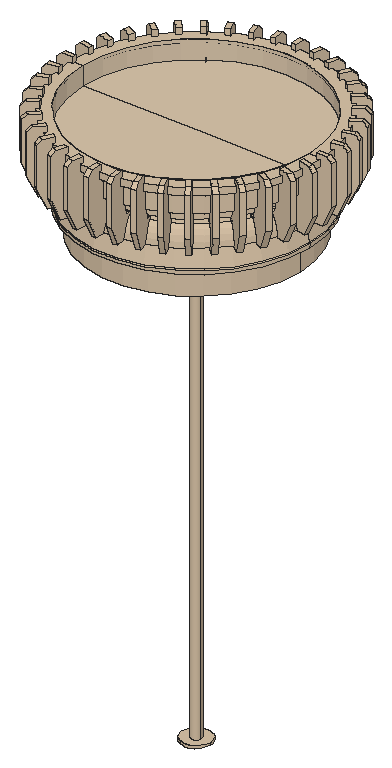
Revit family "KHL_Kemlux-Pendant", category Lighting Fixtures, host Face, Revit 2013
Parameters (values of type "KHL-18L-X-5K-5M")
  Wattage Comments = "43 Watts, 18 LEDs"
  Wattage = 43 W
  Watt = 43 W
  built-in parameter 1150110 = 1 (stored number, unit not read)
  Voltage = 277 V
  URL = "http://www.hubbellindustrial.com/"
  built-in parameter 1114217 = 1 (stored number, unit not read)
  Tilt Angle = -90.00°
  built-in parameter 1150109 = 1 (stored number, unit not read)
  built-in parameter 1150134 = 2
  built-in parameter 1150113 = 1 (stored number, unit not read)
  Product Page URL = "http://www.hubbellindustrial.com/products/kh_iii_led"
  Product Documentation Link = "http://cdn.hubbellindustrial.com/content/products/specs/specs_files/hil_khl_specsht.pdf"
  Power Factor = 1
  Photometric Web Link = "http://www.hubbellindustrial.com/products/khl_flood"
  Photometric Web File = "KXL-18L-X-5K-5M.ies"
  Pendent Height [instance] = 2' - 0"
  Optics = "Type V Square"
  Model = "KHL - Kemlux III LED"  # constant formula
  Material Finish = Hubbell - Tan
  Manufacturer = "Hubbell Industrial Lighting"  # constant formula
  built-in parameter 1150105 = 345.6 (stored number, unit not read)
  Lumens = 4343 lm
  built-in parameter 1150115 = 1 (stored number, unit not read)
  Load Classification = Lighting
  built-in parameter 1150137 = (empty or 0)
  built-in parameter 1150139 = (empty or 0)
  built-in parameter 1150112 = 1 (stored number, unit not read)
  built-in parameter 1150114 = 1 (stored number, unit not read)
  Lamp = "18 High Performanc LEDs"
  built-in parameter 1150132 = (empty or 0)
  built-in parameter 1150102 = (empty or 0)
  built-in parameter 1150107 = 5000 (stored number, unit not read)
  built-in parameter 1150138 = (empty or 0)
  built-in parameter 1150106 = 3.456 (stored number, unit not read)
  Glass = Hubbell - White Glass
  Emit from Circle Diameter = 0' - 11"
  Emit Shape Visible in Rendering = no
  built-in parameter 1150104 = 9.3832 (stored number, unit not read)
  Dimming Lamp Color Temperature Shift = <None>
  Description = "Class I, Division 2 LED Fixture Series"  # constant formula
  Default Elevation = 4' - 0"
  Color Filter = 16777215
  built-in parameter 1114218 = 1 (stored number, unit not read)
  built-in parameter 1150133 = 10 (stored number, unit not read)
  Apparent Load = Watt / Power Factor  # 43 VA
Reference planes (in)
  plane 1 "Center (Front/Back)": y = 0
  plane 2: z = 0
  plane 3 "Center (Left/Right)": x = 0
  plane 4: z = 24
  plane 5: x = -7
  plane 6: x = 7
  plane 7: z = 0.125
  plane 8: z = 29
Forms (in)
  Extrusion 1, solid, material "Hubbell - Tan" <- "Material Finish"
    sketch origin (0, 0, 0) x (1, 0, 0) y (0, 1, 0)
      loop
        circle (0, 0) r 0.75
    from 0 to 0.125
  Extrusion 2, solid, material "Hubbell - Tan" <- "Material Finish"
    sketch origin (0, 0, 0) x (1, 0, 0) y (0, 1, 0)
      loop
        circle (0, 0) r 0.25
    from 0.125 to 24
Dimensions and locks (in)
  "Pendent Height": plane 4 to plane 2
  equal spacing: plane 6, plane 3 "Center (Left/Right)", plane 5, locked at 7 each
  plane 7 to plane 2 = 0' - 0 1/8"
  locked: plane 8 to plane 4 at 5
  aligned and locked: plane 2 to host face
  aligned and locked: level to host face
  aligned and locked: nested 1 to plane 3 "Center (Left/Right)"
  aligned and locked: nested 1 to plane 1 "Center (Front/Back)"
  aligned and locked: plane 3 "Center (Left/Right)" to imposter light
  aligned and locked: imposter light to plane 1 "Center (Front/Back)"
  aligned and locked: plane 7 to Extrusion 1
  aligned and locked: Extrusion 1 to plane 2
  aligned and locked: Extrusion 2 to plane 7
  aligned and locked: plane 4 to Extrusion 2
  aligned and locked: plane 8 to imposter light
Automatic sketch dimensions
  host sketch curve to host sketch curve = 8' - 0"  (x2)
  plane 1 "Center (Front/Back)" to Extrusion 1 sketch curve = 0' - 0"
  Extrusion 1 sketch curve to plane 3 "Center (Left/Right)" = 0' - 0"
  plane 1 "Center (Front/Back)" to Extrusion 2 sketch curve = 0' - 0"
  Extrusion 2 sketch curve to plane 3 "Center (Left/Right)" = 0' - 0"
  radius of Extrusion 1 sketch curve = 0' - 0 3/4"
  radius of Extrusion 2 sketch curve = 0' - 0 1/4"
Nested families (in)
  nested 1: "KHL" at (0, 0, 24) x (-1, 0, 0) z (0, 0, 1), type "KHL"
Connectors (in)
  electrical at (0, 0, 0), driven by "Load Classification", driven by "Voltage", driven by "Apparent Load", driven by "Power Factor"
    settings: on Extrusion 1, index 1, voltage 277 V, apparent load 43 VA, apparent load phase1 0 VA, apparent load phase2 0 VA, apparent load phase3 0 VA, power factor 1, load classification "Lighting", number of poles 1, system type 30, power factor state 1, is connector primary yes, connector utility no, sub classification motor no, connector description "Lighting Connector"
Definition of nested family "KHL"
  Parameters (values of type "KHL")
    Wattage Comments = ""
    URL = ""
    Model = ""
    Material Finish = Hubbell - Tan
    Manufacturer = ""
    Lamp = ""
    IES FILE LINK = ""
    Glass = none
    Description = ""
    Default Elevation = 4' - 0"
    Apparent Load = 0 VA
  Reference planes (in)
    plane 1 "Center (Front/Back)": y = 0
    plane 2: z = 0
    plane 3 "Center (Left/Right)": x = 0
    plane 4: z = 6
    plane 5: x = -7.25
    plane 6: x = 7.25
    plane 7: x = -5.5
    plane 8: x = 5.5
  Forms (in)
    Extrusion 1, solid
      sketch origin (0, 0, 0) x (1, 0, 0) y (0, 1, 0)
        loop
          line (-48, 48) -> (-48, -48) -> (48, -48) -> (48, 48) -> (-48, 48)
      from 0 to -12
    Revolve 2, solid, material "Hubbell - Tan" <- "Material Finish"
      sketch origin (0, 0, 0) x (1, 0, 0) y (0, 0, 1)
        loop
          line (5.5, 0) -> (5.5, 1.3125) -> (6, 1.3125) -> (6, 1.47979) -> (5.5, 1.47979) -> (5.5, 1.5625) -> (5.99031, 1.5625) -> (5.73742, 2.6875) -> (6.24933, 2.6875)
          arc (6.24933, 2.6875) -> (6.15662, 3.19814) -> (5.89032, 3.6436) r 1.45262
          line (5.89032, 3.6436) -> (5.5, 3.6436) -> (5.5, 4.37254) -> (6.34375, 4.37254) -> (6.34375, 5.37007) -> (6.59375, 5.37007) -> (6.59375, 5.71977) -> (5.95302, 5.71977) -> (5.95302, 4.75) -> (0, 4.75) -> (0, 0) -> (5.5, 0)
        axis (0, 5.71977) -> (0, 0)
      angle from 0 to 360
    Extrusion 3, solid, material <- "Glass"
      sketch origin (0, 0, 0) x (1, 0, 0) y (0, 1, 0)
        loop
          circle (0, 0) r 5.95302
      from 5.71977 to 5.56262
    Extrusion 4, solid, material "Hubbell - Tan" <- "Material Finish"
      sketch origin (0, 0, 0) x (1, 0, 0) y (0, 0, 1)
        loop
          line (6.42821, 6) -> (6.42821, 5.66655) -> (6.045, 3.7335) -> (5.75, 3.7335) -> (5.75, 3.06247) -> (6.1875, 3.06247) -> (6.31956, 2.66852) -> (6.75, 2.66852) -> (7.25, 3.69367) -> (7.25, 5.75) -> (7, 6) -> (6.42821, 6)
      from 0.125 to -0.125
    Extrusion 5, solid, material "Hubbell - Tan" <- "Material Finish"
      sketch origin (0, 0, 0) x (0.987688, -0.156434, 0) y (0, 0, 1)
        loop
          line (6.42821, 6) -> (6.42821, 5.66655) -> (6.045, 3.7335) -> (5.75, 3.7335) -> (5.75, 3.06247) -> (6.1875, 3.06247) -> (6.31956, 2.66852) -> (6.75, 2.66852) -> (7.25, 3.69367) -> (7.25, 5.75) -> (7, 6) -> (6.42821, 6)
      from 0.125 to -0.125
    Extrusion 6, solid, material "Hubbell - Tan" <- "Material Finish"
      sketch origin (0, 0, 0) x (0.951057, -0.309017, 0) y (0, 0, 1)
        loop
          line (6.42821, 6) -> (6.42821, 5.66655) -> (6.045, 3.7335) -> (5.75, 3.7335) -> (5.75, 3.06247) -> (6.1875, 3.06247) -> (6.31956, 2.66852) -> (6.75, 2.66852) -> (7.25, 3.69367) -> (7.25, 5.75) -> (7, 6) -> (6.42821, 6)
      from 0.125 to -0.125
    Extrusion 7, solid, material "Hubbell - Tan" <- "Material Finish"
      sketch origin (0, 0, 0) x (0.891007, -0.45399, 0) y (0, 0, 1)
        loop
          line (6.42821, 6) -> (6.42821, 5.66655) -> (6.045, 3.7335) -> (5.75, 3.7335) -> (5.75, 3.06247) -> (6.1875, 3.06247) -> (6.31956, 2.66852) -> (6.75, 2.66852) -> (7.25, 3.69367) -> (7.25, 5.75) -> (7, 6) -> (6.42821, 6)
      from 0.125 to -0.125
    Extrusion 8, solid, material "Hubbell - Tan" <- "Material Finish"
      sketch origin (0, 0, 0) x (0.809017, -0.587785, 0) y (0, 0, 1)
        loop
          line (6.42821, 6) -> (6.42821, 5.66655) -> (6.045, 3.7335) -> (5.75, 3.7335) -> (5.75, 3.06247) -> (6.1875, 3.06247) -> (6.31956, 2.66852) -> (6.75, 2.66852) -> (7.25, 3.69367) -> (7.25, 5.75) -> (7, 6) -> (6.42821, 6)
      from 0.125 to -0.125
    Extrusion 9, solid, material "Hubbell - Tan" <- "Material Finish"
      sketch origin (0, 0, 0) x (0.707107, -0.707107, 0) y (0, 0, 1)
        loop
          line (6.42821, 6) -> (6.42821, 5.66655) -> (6.045, 3.7335) -> (5.75, 3.7335) -> (5.75, 3.06247) -> (6.1875, 3.06247) -> (6.31956, 2.66852) -> (6.75, 2.66852) -> (7.25, 3.69367) -> (7.25, 5.75) -> (7, 6) -> (6.42821, 6)
      from 0.125 to -0.125
    Extrusion 10, solid, material "Hubbell - Tan" <- "Material Finish"
      sketch origin (0, 0, 0) x (0.587785, -0.809017, 0) y (0, 0, 1)
        loop
          line (6.42821, 6) -> (6.42821, 5.66655) -> (6.045, 3.7335) -> (5.75, 3.7335) -> (5.75, 3.06247) -> (6.1875, 3.06247) -> (6.31956, 2.66852) -> (6.75, 2.66852) -> (7.25, 3.69367) -> (7.25, 5.75) -> (7, 6) -> (6.42821, 6)
      from 0.125 to -0.125
    Extrusion 11, solid, material "Hubbell - Tan" <- "Material Finish"
      sketch origin (0, 0, 0) x (0.45399, -0.891007, 0) y (0, 0, 1)
        loop
          line (6.42821, 6) -> (6.42821, 5.66655) -> (6.045, 3.7335) -> (5.75, 3.7335) -> (5.75, 3.06247) -> (6.1875, 3.06247) -> (6.31956, 2.66852) -> (6.75, 2.66852) -> (7.25, 3.69367) -> (7.25, 5.75) -> (7, 6) -> (6.42821, 6)
      from 0.125 to -0.125
    Extrusion 12, solid, material "Hubbell - Tan" <- "Material Finish"
      sketch origin (0, 0, 0) x (0.309017, -0.951057, 0) y (0, 0, 1)
        loop
          line (6.42821, 6) -> (6.42821, 5.66655) -> (6.045, 3.7335) -> (5.75, 3.7335) -> (5.75, 3.06247) -> (6.1875, 3.06247) -> (6.31956, 2.66852) -> (6.75, 2.66852) -> (7.25, 3.69367) -> (7.25, 5.75) -> (7, 6) -> (6.42821, 6)
      from 0.125 to -0.125
    Extrusion 13, solid, material "Hubbell - Tan" <- "Material Finish"
      sketch origin (0, 0, 0) x (0.156434, -0.987688, 0) y (0, 0, 1)
        loop
          line (6.42821, 6) -> (6.42821, 5.66655) -> (6.045, 3.7335) -> (5.75, 3.7335) -> (5.75, 3.06247) -> (6.1875, 3.06247) -> (6.31956, 2.66852) -> (6.75, 2.66852) -> (7.25, 3.69367) -> (7.25, 5.75) -> (7, 6) -> (6.42821, 6)
      from 0.125 to -0.125
    Extrusion 14, solid, material "Hubbell - Tan" <- "Material Finish"
      sketch origin (0, 0, 0) x (0, -1, 0) y (0, 0, 1)
        loop
          line (6.42821, 6) -> (6.42821, 5.66655) -> (6.045, 3.7335) -> (5.75, 3.7335) -> (5.75, 3.06247) -> (6.1875, 3.06247) -> (6.31956, 2.66852) -> (6.75, 2.66852) -> (7.25, 3.69367) -> (7.25, 5.75) -> (7, 6) -> (6.42821, 6)
      from 0.125 to -0.125
    Extrusion 15, solid, material "Hubbell - Tan" <- "Material Finish"
      sketch origin (0, 0, 0) x (-0.156434, -0.987688, 0) y (0, 0, 1)
        loop
          line (6.42821, 6) -> (6.42821, 5.66655) -> (6.045, 3.7335) -> (5.75, 3.7335) -> (5.75, 3.06247) -> (6.1875, 3.06247) -> (6.31956, 2.66852) -> (6.75, 2.66852) -> (7.25, 3.69367) -> (7.25, 5.75) -> (7, 6) -> (6.42821, 6)
      from 0.125 to -0.125
    Extrusion 16, solid, material "Hubbell - Tan" <- "Material Finish"
      sketch origin (0, 0, 0) x (-0.309017, -0.951057, 0) y (0, 0, 1)
        loop
          line (6.42821, 6) -> (6.42821, 5.66655) -> (6.045, 3.7335) -> (5.75, 3.7335) -> (5.75, 3.06247) -> (6.1875, 3.06247) -> (6.31956, 2.66852) -> (6.75, 2.66852) -> (7.25, 3.69367) -> (7.25, 5.75) -> (7, 6) -> (6.42821, 6)
      from 0.125 to -0.125
    Extrusion 17, solid, material "Hubbell - Tan" <- "Material Finish"
      sketch origin (0, 0, 0) x (-0.45399, -0.891007, 0) y (0, 0, 1)
        loop
          line (6.42821, 6) -> (6.42821, 5.66655) -> (6.045, 3.7335) -> (5.75, 3.7335) -> (5.75, 3.06247) -> (6.1875, 3.06247) -> (6.31956, 2.66852) -> (6.75, 2.66852) -> (7.25, 3.69367) -> (7.25, 5.75) -> (7, 6) -> (6.42821, 6)
      from 0.125 to -0.125
    Extrusion 18, solid, material "Hubbell - Tan" <- "Material Finish"
      sketch origin (0, 0, 0) x (-0.587785, -0.809017, 0) y (0, 0, 1)
        loop
          line (6.42821, 6) -> (6.42821, 5.66655) -> (6.045, 3.7335) -> (5.75, 3.7335) -> (5.75, 3.06247) -> (6.1875, 3.06247) -> (6.31956, 2.66852) -> (6.75, 2.66852) -> (7.25, 3.69367) -> (7.25, 5.75) -> (7, 6) -> (6.42821, 6)
      from 0.125 to -0.125
    Extrusion 19, solid, material "Hubbell - Tan" <- "Material Finish"
      sketch origin (0, 0, 0) x (-0.707107, -0.707107, 0) y (0, 0, 1)
        loop
          line (6.42821, 6) -> (6.42821, 5.66655) -> (6.045, 3.7335) -> (5.75, 3.7335) -> (5.75, 3.06247) -> (6.1875, 3.06247) -> (6.31956, 2.66852) -> (6.75, 2.66852) -> (7.25, 3.69367) -> (7.25, 5.75) -> (7, 6) -> (6.42821, 6)
      from 0.125 to -0.125
    Extrusion 20, solid, material "Hubbell - Tan" <- "Material Finish"
      sketch origin (0, 0, 0) x (-0.809017, -0.587785, 0) y (0, 0, 1)
        loop
          line (6.42821, 6) -> (6.42821, 5.66655) -> (6.045, 3.7335) -> (5.75, 3.7335) -> (5.75, 3.06247) -> (6.1875, 3.06247) -> (6.31956, 2.66852) -> (6.75, 2.66852) -> (7.25, 3.69367) -> (7.25, 5.75) -> (7, 6) -> (6.42821, 6)
      from 0.125 to -0.125
    Extrusion 21, solid, material "Hubbell - Tan" <- "Material Finish"
      sketch origin (0, 0, 0) x (-0.891007, -0.45399, 0) y (0, 0, 1)
        loop
          line (6.42821, 6) -> (6.42821, 5.66655) -> (6.045, 3.7335) -> (5.75, 3.7335) -> (5.75, 3.06247) -> (6.1875, 3.06247) -> (6.31956, 2.66852) -> (6.75, 2.66852) -> (7.25, 3.69367) -> (7.25, 5.75) -> (7, 6) -> (6.42821, 6)
      from 0.125 to -0.125
    Extrusion 22, solid, material "Hubbell - Tan" <- "Material Finish"
      sketch origin (0, 0, 0) x (-0.951057, -0.309017, 0) y (0, 0, 1)
        loop
          line (6.42821, 6) -> (6.42821, 5.66655) -> (6.045, 3.7335) -> (5.75, 3.7335) -> (5.75, 3.06247) -> (6.1875, 3.06247) -> (6.31956, 2.66852) -> (6.75, 2.66852) -> (7.25, 3.69367) -> (7.25, 5.75) -> (7, 6) -> (6.42821, 6)
      from 0.125 to -0.125
    Extrusion 23, solid, material "Hubbell - Tan" <- "Material Finish"
      sketch origin (0, 0, 0) x (-0.987688, -0.156434, 0) y (0, 0, 1)
        loop
          line (6.42821, 6) -> (6.42821, 5.66655) -> (6.045, 3.7335) -> (5.75, 3.7335) -> (5.75, 3.06247) -> (6.1875, 3.06247) -> (6.31956, 2.66852) -> (6.75, 2.66852) -> (7.25, 3.69367) -> (7.25, 5.75) -> (7, 6) -> (6.42821, 6)
      from 0.125 to -0.125
    Extrusion 24, solid, material "Hubbell - Tan" <- "Material Finish"
      sketch origin (0, 0, 0) x (-1, 0, 0) y (0, 0, 1)
        loop
          line (6.42821, 6) -> (6.42821, 5.66655) -> (6.045, 3.7335) -> (5.75, 3.7335) -> (5.75, 3.06247) -> (6.1875, 3.06247) -> (6.31956, 2.66852) -> (6.75, 2.66852) -> (7.25, 3.69367) -> (7.25, 5.75) -> (7, 6) -> (6.42821, 6)
      from 0.125 to -0.125
    Extrusion 25, solid, material "Hubbell - Tan" <- "Material Finish"
      sketch origin (0, 0, 0) x (-0.987688, 0.156434, 0) y (0, 0, 1)
        loop
          line (6.42821, 6) -> (6.42821, 5.66655) -> (6.045, 3.7335) -> (5.75, 3.7335) -> (5.75, 3.06247) -> (6.1875, 3.06247) -> (6.31956, 2.66852) -> (6.75, 2.66852) -> (7.25, 3.69367) -> (7.25, 5.75) -> (7, 6) -> (6.42821, 6)
      from 0.125 to -0.125
    Extrusion 26, solid, material "Hubbell - Tan" <- "Material Finish"
      sketch origin (0, 0, 0) x (-0.951057, 0.309017, 0) y (0, 0, 1)
        loop
          line (6.42821, 6) -> (6.42821, 5.66655) -> (6.045, 3.7335) -> (5.75, 3.7335) -> (5.75, 3.06247) -> (6.1875, 3.06247) -> (6.31956, 2.66852) -> (6.75, 2.66852) -> (7.25, 3.69367) -> (7.25, 5.75) -> (7, 6) -> (6.42821, 6)
      from 0.125 to -0.125
    Extrusion 27, solid, material "Hubbell - Tan" <- "Material Finish"
      sketch origin (0, 0, 0) x (-0.891007, 0.45399, 0) y (0, 0, 1)
        loop
          line (6.42821, 6) -> (6.42821, 5.66655) -> (6.045, 3.7335) -> (5.75, 3.7335) -> (5.75, 3.06247) -> (6.1875, 3.06247) -> (6.31956, 2.66852) -> (6.75, 2.66852) -> (7.25, 3.69367) -> (7.25, 5.75) -> (7, 6) -> (6.42821, 6)
      from 0.125 to -0.125
    Extrusion 28, solid, material "Hubbell - Tan" <- "Material Finish"
      sketch origin (0, 0, 0) x (-0.809017, 0.587785, 0) y (0, 0, 1)
        loop
          line (6.42821, 6) -> (6.42821, 5.66655) -> (6.045, 3.7335) -> (5.75, 3.7335) -> (5.75, 3.06247) -> (6.1875, 3.06247) -> (6.31956, 2.66852) -> (6.75, 2.66852) -> (7.25, 3.69367) -> (7.25, 5.75) -> (7, 6) -> (6.42821, 6)
      from 0.125 to -0.125
    Extrusion 29, solid, material "Hubbell - Tan" <- "Material Finish"
      sketch origin (0, 0, 0) x (-0.707107, 0.707107, 0) y (0, 0, 1)
        loop
          line (6.42821, 6) -> (6.42821, 5.66655) -> (6.045, 3.7335) -> (5.75, 3.7335) -> (5.75, 3.06247) -> (6.1875, 3.06247) -> (6.31956, 2.66852) -> (6.75, 2.66852) -> (7.25, 3.69367) -> (7.25, 5.75) -> (7, 6) -> (6.42821, 6)
      from 0.125 to -0.125
    Extrusion 30, solid, material "Hubbell - Tan" <- "Material Finish"
      sketch origin (0, 0, 0) x (-0.587785, 0.809017, 0) y (0, 0, 1)
        loop
          line (6.42821, 6) -> (6.42821, 5.66655) -> (6.045, 3.7335) -> (5.75, 3.7335) -> (5.75, 3.06247) -> (6.1875, 3.06247) -> (6.31956, 2.66852) -> (6.75, 2.66852) -> (7.25, 3.69367) -> (7.25, 5.75) -> (7, 6) -> (6.42821, 6)
      from 0.125 to -0.125
    Extrusion 31, solid, material "Hubbell - Tan" <- "Material Finish"
      sketch origin (0, 0, 0) x (-0.45399, 0.891007, 0) y (0, 0, 1)
        loop
          line (6.42821, 6) -> (6.42821, 5.66655) -> (6.045, 3.7335) -> (5.75, 3.7335) -> (5.75, 3.06247) -> (6.1875, 3.06247) -> (6.31956, 2.66852) -> (6.75, 2.66852) -> (7.25, 3.69367) -> (7.25, 5.75) -> (7, 6) -> (6.42821, 6)
      from 0.125 to -0.125
    Extrusion 32, solid, material "Hubbell - Tan" <- "Material Finish"
      sketch origin (0, 0, 0) x (-0.309017, 0.951057, 0) y (0, 0, 1)
        loop
          line (6.42821, 6) -> (6.42821, 5.66655) -> (6.045, 3.7335) -> (5.75, 3.7335) -> (5.75, 3.06247) -> (6.1875, 3.06247) -> (6.31956, 2.66852) -> (6.75, 2.66852) -> (7.25, 3.69367) -> (7.25, 5.75) -> (7, 6) -> (6.42821, 6)
      from 0.125 to -0.125
    Extrusion 33, solid, material "Hubbell - Tan" <- "Material Finish"
      sketch origin (0, 0, 0) x (-0.156434, 0.987688, 0) y (0, 0, 1)
        loop
          line (6.42821, 6) -> (6.42821, 5.66655) -> (6.045, 3.7335) -> (5.75, 3.7335) -> (5.75, 3.06247) -> (6.1875, 3.06247) -> (6.31956, 2.66852) -> (6.75, 2.66852) -> (7.25, 3.69367) -> (7.25, 5.75) -> (7, 6) -> (6.42821, 6)
      from 0.125 to -0.125
    Extrusion 34, solid, material "Hubbell - Tan" <- "Material Finish"
      sketch origin (0, 0, 0) x (0, 1, 0) y (0, 0, 1)
        loop
          line (6.42821, 6) -> (6.42821, 5.66655) -> (6.045, 3.7335) -> (5.75, 3.7335) -> (5.75, 3.06247) -> (6.1875, 3.06247) -> (6.31956, 2.66852) -> (6.75, 2.66852) -> (7.25, 3.69367) -> (7.25, 5.75) -> (7, 6) -> (6.42821, 6)
      from 0.125 to -0.125
    Extrusion 35, solid, material "Hubbell - Tan" <- "Material Finish"
      sketch origin (0, 0, 0) x (0.156434, 0.987688, 0) y (0, 0, 1)
        loop
          line (6.42821, 6) -> (6.42821, 5.66655) -> (6.045, 3.7335) -> (5.75, 3.7335) -> (5.75, 3.06247) -> (6.1875, 3.06247) -> (6.31956, 2.66852) -> (6.75, 2.66852) -> (7.25, 3.69367) -> (7.25, 5.75) -> (7, 6) -> (6.42821, 6)
      from 0.125 to -0.125
    Extrusion 36, solid, material "Hubbell - Tan" <- "Material Finish"
      sketch origin (0, 0, 0) x (0.309017, 0.951057, 0) y (0, 0, 1)
        loop
          line (6.42821, 6) -> (6.42821, 5.66655) -> (6.045, 3.7335) -> (5.75, 3.7335) -> (5.75, 3.06247) -> (6.1875, 3.06247) -> (6.31956, 2.66852) -> (6.75, 2.66852) -> (7.25, 3.69367) -> (7.25, 5.75) -> (7, 6) -> (6.42821, 6)
      from 0.125 to -0.125
    Extrusion 37, solid, material "Hubbell - Tan" <- "Material Finish"
      sketch origin (0, 0, 0) x (0.45399, 0.891007, 0) y (0, 0, 1)
        loop
          line (6.42821, 6) -> (6.42821, 5.66655) -> (6.045, 3.7335) -> (5.75, 3.7335) -> (5.75, 3.06247) -> (6.1875, 3.06247) -> (6.31956, 2.66852) -> (6.75, 2.66852) -> (7.25, 3.69367) -> (7.25, 5.75) -> (7, 6) -> (6.42821, 6)
      from 0.125 to -0.125
    Extrusion 38, solid, material "Hubbell - Tan" <- "Material Finish"
      sketch origin (0, 0, 0) x (0.587785, 0.809017, 0) y (0, 0, 1)
        loop
          line (6.42821, 6) -> (6.42821, 5.66655) -> (6.045, 3.7335) -> (5.75, 3.7335) -> (5.75, 3.06247) -> (6.1875, 3.06247) -> (6.31956, 2.66852) -> (6.75, 2.66852) -> (7.25, 3.69367) -> (7.25, 5.75) -> (7, 6) -> (6.42821, 6)
      from 0.125 to -0.125
    Extrusion 39, solid, material "Hubbell - Tan" <- "Material Finish"
      sketch origin (0, 0, 0) x (0.707107, 0.707107, 0) y (0, 0, 1)
        loop
          line (6.42821, 6) -> (6.42821, 5.66655) -> (6.045, 3.7335) -> (5.75, 3.7335) -> (5.75, 3.06247) -> (6.1875, 3.06247) -> (6.31956, 2.66852) -> (6.75, 2.66852) -> (7.25, 3.69367) -> (7.25, 5.75) -> (7, 6) -> (6.42821, 6)
      from 0.125 to -0.125
    Extrusion 40, solid, material "Hubbell - Tan" <- "Material Finish"
      sketch origin (0, 0, 0) x (0.809017, 0.587785, 0) y (0, 0, 1)
        loop
          line (6.42821, 6) -> (6.42821, 5.66655) -> (6.045, 3.7335) -> (5.75, 3.7335) -> (5.75, 3.06247) -> (6.1875, 3.06247) -> (6.31956, 2.66852) -> (6.75, 2.66852) -> (7.25, 3.69367) -> (7.25, 5.75) -> (7, 6) -> (6.42821, 6)
      from 0.125 to -0.125
    Extrusion 41, solid, material "Hubbell - Tan" <- "Material Finish"
      sketch origin (0, 0, 0) x (0.891007, 0.45399, 0) y (0, 0, 1)
        loop
          line (6.42821, 6) -> (6.42821, 5.66655) -> (6.045, 3.7335) -> (5.75, 3.7335) -> (5.75, 3.06247) -> (6.1875, 3.06247) -> (6.31956, 2.66852) -> (6.75, 2.66852) -> (7.25, 3.69367) -> (7.25, 5.75) -> (7, 6) -> (6.42821, 6)
      from 0.125 to -0.125
    Extrusion 42, solid, material "Hubbell - Tan" <- "Material Finish"
      sketch origin (0, 0, 0) x (0.951057, 0.309017, 0) y (0, 0, 1)
        loop
          line (6.42821, 6) -> (6.42821, 5.66655) -> (6.045, 3.7335) -> (5.75, 3.7335) -> (5.75, 3.06247) -> (6.1875, 3.06247) -> (6.31956, 2.66852) -> (6.75, 2.66852) -> (7.25, 3.69367) -> (7.25, 5.75) -> (7, 6) -> (6.42821, 6)
      from 0.125 to -0.125
    Extrusion 43, solid, material "Hubbell - Tan" <- "Material Finish"
      sketch origin (0, 0, 0) x (0.987688, 0.156434, 0) y (0, 0, 1)
        loop
          line (6.42821, 6) -> (6.42821, 5.66655) -> (6.045, 3.7335) -> (5.75, 3.7335) -> (5.75, 3.06247) -> (6.1875, 3.06247) -> (6.31956, 2.66852) -> (6.75, 2.66852) -> (7.25, 3.69367) -> (7.25, 5.75) -> (7, 6) -> (6.42821, 6)
      from 0.125 to -0.125
  Lines and regions (in)
    reference lines
      curve 1: line (5.95302, 0, 4.75) -> (0, 0, 4.75)
      curve 2: line (5.95302, 0, 5.92266) -> (5.95302, 0, 4.75)
      curve 3: line (6.59375, 0, 5.37007) -> (6.59375, 0, 5.92266)
      curve 4: line (6.34375, 0, 5.37007) -> (6.59375, 0, 5.37007)
      curve 5: line (6.34375, 0, 4.37254) -> (5.5, 0, 4.37254)
      curve 6: line (6.34375, 0, 4.37254) -> (6.34375, 0, 5.37007)
      curve 7: arc (6.25, 0, 2.75) -> (6.14885, 0, 3.28681) -> (5.85927, 0, 3.75) r 1.47501
      curve 8: line (5.85927, 0, 2.75) -> (6.25, 0, 2.75)
      curve 9: line (5.85927, 0, 2.75) -> (5.85927, 0, 1.75)
      curve 10: line (5.85927, 0, 1.75) -> (4.74529, 0, 1.75)
      curve 11: line (5.85927, 0, 3.75) -> (4.8978, 0, 3.75)
      curve 12: line (5.10824, 0, 5.71977) -> (6.99125, 0, 5.71977)
  Dimensions and locks (in)
    locked: plane 4 to plane 2 at 6
    equal spacing: plane 6, plane 3 "Center (Left/Right)", plane 5
    locked: plane 6 to plane 5 at 14.5
    equal spacing: plane 8, plane 3 "Center (Left/Right)", plane 7, locked at 5.5 each
    aligned and locked: plane 2 to Extrusion 1
    aligned and locked: level to Extrusion 1
    aligned and locked: Revolve 2 sketch curve to plane 2
    aligned and locked: Extrusion 3 sketch curve to Revolve 2
    aligned and locked: Revolve 2 sketch curve to curve 1
    aligned and locked: Revolve 2 sketch curve to plane 8
    aligned and locked: plane 8 to Revolve 2 sketch curve
    aligned and locked: curve 5 to Revolve 2 sketch curve
    aligned and locked: Revolve 2 sketch curve to curve 6
    aligned and locked: Revolve 2 sketch curve to curve 4
    aligned and locked: Revolve 2 sketch curve to curve 3
    aligned and locked: Revolve 2 sketch curve to curve 12
  Automatic sketch dimensions
    Extrusion 1 sketch curve to Extrusion 1 sketch curve = 8' - 0"  (x2)
    curve 1 to plane 3 "Center (Left/Right)" = 0' - 0"
    plane 8 to curve 5 = 0' - 0"
    plane 8 to curve 10 = 0' - 0.75471"
    plane 8 to curve 7 = 0' - 0.72501"
    plane 8 to curve 11 = 0' - 0.6022"
    plane 8 to curve 12 = 0' - 0.39176"
    curve 11 to plane 8 = 0' - 0.35927"
    curve 8 to plane 8 = 0' - 0.35927"
    curve 2 to plane 4 = 0' - 0.07734"
    curve 2 to plane 8 = 0' - 0.45302"
    curve 8 to curve 8 = 0' - 0.39073"
    curve 1 to curve 6 = 0' - 0.39073"
    curve 4 to curve 4 = 0' - 0 1/4"
    plane 6 to curve 12 = 0' - 0.25875"
    curve 12 to plane 4 = 0' - 0.28023"
    curve 6 to plane 4 = 0' - 0.62993"
    curve 2 to curve 4 = 0' - 0.62007"
    curve 5 to curve 1 = 0' - 0.37746"
    curve 11 to curve 5 = 0' - 0.62254"
    curve 9 to curve 8 = 0' - 1"
    curve 3 to plane 4 = 0' - 0.07734"
    Extrusion 4 sketch curve to Extrusion 4 sketch curve = 0' - 0 7/16"
    Extrusion 4 sketch curve to Extrusion 4 sketch curve = 0' - 0.13206"
    Extrusion 4 sketch curve to Extrusion 4 sketch curve = 0' - 0.295"
    Extrusion 4 sketch curve to Extrusion 4 sketch curve = 0' - 0.38321"
    Extrusion 4 sketch curve to Extrusion 4 sketch curve = 0' - 0.43044"
    Extrusion 4 sketch curve to Extrusion 4 sketch curve = 0' - 0.57179"
    Extrusion 4 sketch curve to Extrusion 4 sketch curve = 0' - 0 1/4"  (x2)
    Extrusion 4 sketch curve to Extrusion 4 sketch curve = 0' - 0.39395"
    Extrusion 4 sketch curve to Extrusion 4 sketch curve = 0' - 1.02515"
    Extrusion 4 sketch curve to Extrusion 4 sketch curve = 0' - 0.67103"
    Extrusion 4 sketch curve to Extrusion 4 sketch curve = 0' - 1.93305"
    Extrusion 4 sketch curve to Extrusion 4 sketch curve = 0' - 0.08345"
    Extrusion 5 sketch curve to Extrusion 5 sketch curve = 0' - 0 7/16"
    Extrusion 5 sketch curve to Extrusion 5 sketch curve = 0' - 0.13206"
    Extrusion 5 sketch curve to Extrusion 5 sketch curve = 0' - 0.295"
    Extrusion 5 sketch curve to Extrusion 5 sketch curve = 0' - 0.38321"
    Extrusion 5 sketch curve to Extrusion 5 sketch curve = 0' - 0.43044"
    Extrusion 5 sketch curve to Extrusion 5 sketch curve = 0' - 0.57179"
    Extrusion 5 sketch curve to Extrusion 5 sketch curve = 0' - 0 1/4"  (x2)
    Extrusion 5 sketch curve to Extrusion 5 sketch curve = 0' - 0.39395"
    Extrusion 5 sketch curve to Extrusion 5 sketch curve = 0' - 1.02515"
    Extrusion 5 sketch curve to Extrusion 5 sketch curve = 0' - 0.67103"
    Extrusion 5 sketch curve to Extrusion 5 sketch curve = 0' - 1.93305"
    Extrusion 5 sketch curve to Extrusion 5 sketch curve = 0' - 0.08345"
    Extrusion 6 sketch curve to Extrusion 6 sketch curve = 0' - 0 7/16"
    Extrusion 6 sketch curve to Extrusion 6 sketch curve = 0' - 0.13206"
    Extrusion 6 sketch curve to Extrusion 6 sketch curve = 0' - 0.295"
    Extrusion 6 sketch curve to Extrusion 6 sketch curve = 0' - 0.38321"
    Extrusion 6 sketch curve to Extrusion 6 sketch curve = 0' - 0.43044"
    Extrusion 6 sketch curve to Extrusion 6 sketch curve = 0' - 0.57179"
    Extrusion 6 sketch curve to Extrusion 6 sketch curve = 0' - 0 1/4"  (x2)
    Extrusion 6 sketch curve to Extrusion 6 sketch curve = 0' - 0.39395"
    Extrusion 6 sketch curve to Extrusion 6 sketch curve = 0' - 1.02515"
    Extrusion 6 sketch curve to Extrusion 6 sketch curve = 0' - 0.67103"
    Extrusion 6 sketch curve to Extrusion 6 sketch curve = 0' - 1.93305"
    Extrusion 6 sketch curve to Extrusion 6 sketch curve = 0' - 0.08345"
    Extrusion 7 sketch curve to Extrusion 7 sketch curve = 0' - 0 7/16"
    Extrusion 7 sketch curve to Extrusion 7 sketch curve = 0' - 0.13206"
    Extrusion 7 sketch curve to Extrusion 7 sketch curve = 0' - 0.295"
    Extrusion 7 sketch curve to Extrusion 7 sketch curve = 0' - 0.38321"
    Extrusion 7 sketch curve to Extrusion 7 sketch curve = 0' - 0.43044"
    Extrusion 7 sketch curve to Extrusion 7 sketch curve = 0' - 0.57179"
    Extrusion 7 sketch curve to Extrusion 7 sketch curve = 0' - 0 1/4"  (x2)
    Extrusion 7 sketch curve to Extrusion 7 sketch curve = 0' - 0.39395"
    Extrusion 7 sketch curve to Extrusion 7 sketch curve = 0' - 1.02515"
    Extrusion 7 sketch curve to Extrusion 7 sketch curve = 0' - 0.67103"
    Extrusion 7 sketch curve to Extrusion 7 sketch curve = 0' - 1.93305"
    Extrusion 7 sketch curve to Extrusion 7 sketch curve = 0' - 0.08345"
    Extrusion 8 sketch curve to Extrusion 8 sketch curve = 0' - 0 7/16"
    Extrusion 8 sketch curve to Extrusion 8 sketch curve = 0' - 0.13206"
    Extrusion 8 sketch curve to Extrusion 8 sketch curve = 0' - 0.295"
    Extrusion 8 sketch curve to Extrusion 8 sketch curve = 0' - 0.38321"
    Extrusion 8 sketch curve to Extrusion 8 sketch curve = 0' - 0.43044"
    Extrusion 8 sketch curve to Extrusion 8 sketch curve = 0' - 0.57179"
    Extrusion 8 sketch curve to Extrusion 8 sketch curve = 0' - 0 1/4"  (x2)
    Extrusion 8 sketch curve to Extrusion 8 sketch curve = 0' - 0.39395"
    Extrusion 8 sketch curve to Extrusion 8 sketch curve = 0' - 1.02515"
    Extrusion 8 sketch curve to Extrusion 8 sketch curve = 0' - 0.67103"
    Extrusion 8 sketch curve to Extrusion 8 sketch curve = 0' - 1.93305"
    Extrusion 8 sketch curve to Extrusion 8 sketch curve = 0' - 0.08345"
    Extrusion 9 sketch curve to Extrusion 9 sketch curve = 0' - 0 7/16"
    Extrusion 9 sketch curve to Extrusion 9 sketch curve = 0' - 0.13206"
    Extrusion 9 sketch curve to Extrusion 9 sketch curve = 0' - 0.295"
    Extrusion 9 sketch curve to Extrusion 9 sketch curve = 0' - 0.38321"
    Extrusion 9 sketch curve to Extrusion 9 sketch curve = 0' - 0.43044"
    Extrusion 9 sketch curve to Extrusion 9 sketch curve = 0' - 0.57179"
    Extrusion 9 sketch curve to Extrusion 9 sketch curve = 0' - 0 1/4"  (x2)
    Extrusion 9 sketch curve to Extrusion 9 sketch curve = 0' - 0.39395"
    Extrusion 9 sketch curve to Extrusion 9 sketch curve = 0' - 1.02515"
    Extrusion 9 sketch curve to Extrusion 9 sketch curve = 0' - 0.67103"
    Extrusion 9 sketch curve to Extrusion 9 sketch curve = 0' - 1.93305"
    Extrusion 9 sketch curve to Extrusion 9 sketch curve = 0' - 0.08345"
    Extrusion 10 sketch curve to Extrusion 10 sketch curve = 0' - 0 7/16"
    Extrusion 10 sketch curve to Extrusion 10 sketch curve = 0' - 0.13206"
    Extrusion 10 sketch curve to Extrusion 10 sketch curve = 0' - 0.295"
    Extrusion 10 sketch curve to Extrusion 10 sketch curve = 0' - 0.38321"
    Extrusion 10 sketch curve to Extrusion 10 sketch curve = 0' - 0.43044"
    Extrusion 10 sketch curve to Extrusion 10 sketch curve = 0' - 0.57179"
    Extrusion 10 sketch curve to Extrusion 10 sketch curve = 0' - 0 1/4"  (x2)
    Extrusion 10 sketch curve to Extrusion 10 sketch curve = 0' - 0.39395"
    Extrusion 10 sketch curve to Extrusion 10 sketch curve = 0' - 1.02515"
    Extrusion 10 sketch curve to Extrusion 10 sketch curve = 0' - 0.67103"
    Extrusion 10 sketch curve to Extrusion 10 sketch curve = 0' - 1.93305"
    Extrusion 10 sketch curve to Extrusion 10 sketch curve = 0' - 0.08345"
    Extrusion 11 sketch curve to Extrusion 11 sketch curve = 0' - 0 7/16"
    Extrusion 11 sketch curve to Extrusion 11 sketch curve = 0' - 0.13206"
    Extrusion 11 sketch curve to Extrusion 11 sketch curve = 0' - 0.295"
    Extrusion 11 sketch curve to Extrusion 11 sketch curve = 0' - 0.38321"
    Extrusion 11 sketch curve to Extrusion 11 sketch curve = 0' - 0.43044"
    Extrusion 11 sketch curve to Extrusion 11 sketch curve = 0' - 0.57179"
    Extrusion 11 sketch curve to Extrusion 11 sketch curve = 0' - 0 1/4"  (x2)
    Extrusion 11 sketch curve to Extrusion 11 sketch curve = 0' - 0.39395"
    Extrusion 11 sketch curve to Extrusion 11 sketch curve = 0' - 1.02515"
    Extrusion 11 sketch curve to Extrusion 11 sketch curve = 0' - 0.67103"
    Extrusion 11 sketch curve to Extrusion 11 sketch curve = 0' - 1.93305"
    Extrusion 11 sketch curve to Extrusion 11 sketch curve = 0' - 0.08345"
    Extrusion 12 sketch curve to Extrusion 12 sketch curve = 0' - 0 7/16"
    Extrusion 12 sketch curve to Extrusion 12 sketch curve = 0' - 0.13206"
    Extrusion 12 sketch curve to Extrusion 12 sketch curve = 0' - 0.295"
    Extrusion 12 sketch curve to Extrusion 12 sketch curve = 0' - 0.38321"
    Extrusion 12 sketch curve to Extrusion 12 sketch curve = 0' - 0.43044"
    Extrusion 12 sketch curve to Extrusion 12 sketch curve = 0' - 0.57179"
    Extrusion 12 sketch curve to Extrusion 12 sketch curve = 0' - 0 1/4"  (x2)
    Extrusion 12 sketch curve to Extrusion 12 sketch curve = 0' - 0.39395"
    Extrusion 12 sketch curve to Extrusion 12 sketch curve = 0' - 1.02515"
    Extrusion 12 sketch curve to Extrusion 12 sketch curve = 0' - 0.67103"
    Extrusion 12 sketch curve to Extrusion 12 sketch curve = 0' - 1.93305"
    Extrusion 12 sketch curve to Extrusion 12 sketch curve = 0' - 0.08345"
    Extrusion 13 sketch curve to Extrusion 13 sketch curve = 0' - 0 7/16"
    Extrusion 13 sketch curve to Extrusion 13 sketch curve = 0' - 0.13206"
    Extrusion 13 sketch curve to Extrusion 13 sketch curve = 0' - 0.295"
    Extrusion 13 sketch curve to Extrusion 13 sketch curve = 0' - 0.38321"
    Extrusion 13 sketch curve to Extrusion 13 sketch curve = 0' - 0.43044"
    Extrusion 13 sketch curve to Extrusion 13 sketch curve = 0' - 0.57179"
    Extrusion 13 sketch curve to Extrusion 13 sketch curve = 0' - 0 1/4"  (x2)
    Extrusion 13 sketch curve to Extrusion 13 sketch curve = 0' - 0.39395"
    Extrusion 13 sketch curve to Extrusion 13 sketch curve = 0' - 1.02515"
    Extrusion 13 sketch curve to Extrusion 13 sketch curve = 0' - 0.67103"
    Extrusion 13 sketch curve to Extrusion 13 sketch curve = 0' - 1.93305"
    Extrusion 13 sketch curve to Extrusion 13 sketch curve = 0' - 0.08345"
    Extrusion 14 sketch curve to Extrusion 14 sketch curve = 0' - 0 7/16"
    Extrusion 14 sketch curve to Extrusion 14 sketch curve = 0' - 0.13206"
    Extrusion 14 sketch curve to Extrusion 14 sketch curve = 0' - 0.295"
    Extrusion 14 sketch curve to Extrusion 14 sketch curve = 0' - 0.38321"
    Extrusion 14 sketch curve to Extrusion 14 sketch curve = 0' - 0.43044"
    Extrusion 14 sketch curve to Extrusion 14 sketch curve = 0' - 0.57179"
    Extrusion 14 sketch curve to Extrusion 14 sketch curve = 0' - 0 1/4"  (x2)
    Extrusion 14 sketch curve to Extrusion 14 sketch curve = 0' - 0.39395"
    Extrusion 14 sketch curve to Extrusion 14 sketch curve = 0' - 1.02515"
    Extrusion 14 sketch curve to Extrusion 14 sketch curve = 0' - 0.67103"
    Extrusion 14 sketch curve to Extrusion 14 sketch curve = 0' - 1.93305"
    Extrusion 14 sketch curve to Extrusion 14 sketch curve = 0' - 0.08345"
    Extrusion 15 sketch curve to Extrusion 15 sketch curve = 0' - 0 7/16"
    Extrusion 15 sketch curve to Extrusion 15 sketch curve = 0' - 0.13206"
    Extrusion 15 sketch curve to Extrusion 15 sketch curve = 0' - 0.295"
    Extrusion 15 sketch curve to Extrusion 15 sketch curve = 0' - 0.38321"
    Extrusion 15 sketch curve to Extrusion 15 sketch curve = 0' - 0.43044"
    Extrusion 15 sketch curve to Extrusion 15 sketch curve = 0' - 0.57179"
    Extrusion 15 sketch curve to Extrusion 15 sketch curve = 0' - 0 1/4"  (x2)
    Extrusion 15 sketch curve to Extrusion 15 sketch curve = 0' - 0.39395"
    Extrusion 15 sketch curve to Extrusion 15 sketch curve = 0' - 1.02515"
    Extrusion 15 sketch curve to Extrusion 15 sketch curve = 0' - 0.67103"
    Extrusion 15 sketch curve to Extrusion 15 sketch curve = 0' - 1.93305"
    Extrusion 15 sketch curve to Extrusion 15 sketch curve = 0' - 0.08345"
    Extrusion 16 sketch curve to Extrusion 16 sketch curve = 0' - 0 7/16"
    Extrusion 16 sketch curve to Extrusion 16 sketch curve = 0' - 0.13206"
    Extrusion 16 sketch curve to Extrusion 16 sketch curve = 0' - 0.295"
    Extrusion 16 sketch curve to Extrusion 16 sketch curve = 0' - 0.38321"
    Extrusion 16 sketch curve to Extrusion 16 sketch curve = 0' - 0.43044"
    Extrusion 16 sketch curve to Extrusion 16 sketch curve = 0' - 0.57179"
    Extrusion 16 sketch curve to Extrusion 16 sketch curve = 0' - 0 1/4"  (x2)
    Extrusion 16 sketch curve to Extrusion 16 sketch curve = 0' - 0.39395"
    Extrusion 16 sketch curve to Extrusion 16 sketch curve = 0' - 1.02515"
    Extrusion 16 sketch curve to Extrusion 16 sketch curve = 0' - 0.67103"
    Extrusion 16 sketch curve to Extrusion 16 sketch curve = 0' - 1.93305"
    Extrusion 16 sketch curve to Extrusion 16 sketch curve = 0' - 0.08345"
    Extrusion 17 sketch curve to Extrusion 17 sketch curve = 0' - 0 7/16"
    Extrusion 17 sketch curve to Extrusion 17 sketch curve = 0' - 0.13206"
    Extrusion 17 sketch curve to Extrusion 17 sketch curve = 0' - 0.295"
    Extrusion 17 sketch curve to Extrusion 17 sketch curve = 0' - 0.38321"
    Extrusion 17 sketch curve to Extrusion 17 sketch curve = 0' - 0.43044"
    Extrusion 17 sketch curve to Extrusion 17 sketch curve = 0' - 0.57179"
    Extrusion 17 sketch curve to Extrusion 17 sketch curve = 0' - 0 1/4"  (x2)
    Extrusion 17 sketch curve to Extrusion 17 sketch curve = 0' - 0.39395"
    Extrusion 17 sketch curve to Extrusion 17 sketch curve = 0' - 1.02515"
    Extrusion 17 sketch curve to Extrusion 17 sketch curve = 0' - 0.67103"
    Extrusion 17 sketch curve to Extrusion 17 sketch curve = 0' - 1.93305"
    Extrusion 17 sketch curve to Extrusion 17 sketch curve = 0' - 0.08345"
    Extrusion 18 sketch curve to Extrusion 18 sketch curve = 0' - 0 7/16"
    Extrusion 18 sketch curve to Extrusion 18 sketch curve = 0' - 0.13206"
    Extrusion 18 sketch curve to Extrusion 18 sketch curve = 0' - 0.295"
    Extrusion 18 sketch curve to Extrusion 18 sketch curve = 0' - 0.38321"
    Extrusion 18 sketch curve to Extrusion 18 sketch curve = 0' - 0.43044"
    Extrusion 18 sketch curve to Extrusion 18 sketch curve = 0' - 0.57179"
    Extrusion 18 sketch curve to Extrusion 18 sketch curve = 0' - 0 1/4"  (x2)
    Extrusion 18 sketch curve to Extrusion 18 sketch curve = 0' - 0.39395"
    Extrusion 18 sketch curve to Extrusion 18 sketch curve = 0' - 1.02515"
    Extrusion 18 sketch curve to Extrusion 18 sketch curve = 0' - 0.67103"
    Extrusion 18 sketch curve to Extrusion 18 sketch curve = 0' - 1.93305"
    Extrusion 18 sketch curve to Extrusion 18 sketch curve = 0' - 0.08345"
    Extrusion 19 sketch curve to Extrusion 19 sketch curve = 0' - 0 7/16"
    Extrusion 19 sketch curve to Extrusion 19 sketch curve = 0' - 0.13206"
    Extrusion 19 sketch curve to Extrusion 19 sketch curve = 0' - 0.295"
    Extrusion 19 sketch curve to Extrusion 19 sketch curve = 0' - 0.38321"
    Extrusion 19 sketch curve to Extrusion 19 sketch curve = 0' - 0.43044"
    Extrusion 19 sketch curve to Extrusion 19 sketch curve = 0' - 0.57179"
    Extrusion 19 sketch curve to Extrusion 19 sketch curve = 0' - 0 1/4"  (x2)
    Extrusion 19 sketch curve to Extrusion 19 sketch curve = 0' - 0.39395"
    Extrusion 19 sketch curve to Extrusion 19 sketch curve = 0' - 1.02515"
    Extrusion 19 sketch curve to Extrusion 19 sketch curve = 0' - 0.67103"
    Extrusion 19 sketch curve to Extrusion 19 sketch curve = 0' - 1.93305"
    Extrusion 19 sketch curve to Extrusion 19 sketch curve = 0' - 0.08345"
    Extrusion 20 sketch curve to Extrusion 20 sketch curve = 0' - 0 7/16"
    Extrusion 20 sketch curve to Extrusion 20 sketch curve = 0' - 0.13206"
    Extrusion 20 sketch curve to Extrusion 20 sketch curve = 0' - 0.295"
    Extrusion 20 sketch curve to Extrusion 20 sketch curve = 0' - 0.38321"
    Extrusion 20 sketch curve to Extrusion 20 sketch curve = 0' - 0.43044"
    Extrusion 20 sketch curve to Extrusion 20 sketch curve = 0' - 0.57179"
    Extrusion 20 sketch curve to Extrusion 20 sketch curve = 0' - 0 1/4"  (x2)
    Extrusion 20 sketch curve to Extrusion 20 sketch curve = 0' - 0.39395"
    Extrusion 20 sketch curve to Extrusion 20 sketch curve = 0' - 1.02515"
    Extrusion 20 sketch curve to Extrusion 20 sketch curve = 0' - 0.67103"
    Extrusion 20 sketch curve to Extrusion 20 sketch curve = 0' - 1.93305"
    Extrusion 20 sketch curve to Extrusion 20 sketch curve = 0' - 0.08345"
    Extrusion 21 sketch curve to Extrusion 21 sketch curve = 0' - 0 7/16"
    Extrusion 21 sketch curve to Extrusion 21 sketch curve = 0' - 0.13206"
    Extrusion 21 sketch curve to Extrusion 21 sketch curve = 0' - 0.295"
    Extrusion 21 sketch curve to Extrusion 21 sketch curve = 0' - 0.38321"
    Extrusion 21 sketch curve to Extrusion 21 sketch curve = 0' - 0.43044"
    Extrusion 21 sketch curve to Extrusion 21 sketch curve = 0' - 0.57179"
    Extrusion 21 sketch curve to Extrusion 21 sketch curve = 0' - 0 1/4"  (x2)
    Extrusion 21 sketch curve to Extrusion 21 sketch curve = 0' - 0.39395"
    Extrusion 21 sketch curve to Extrusion 21 sketch curve = 0' - 1.02515"
    Extrusion 21 sketch curve to Extrusion 21 sketch curve = 0' - 0.67103"
    Extrusion 21 sketch curve to Extrusion 21 sketch curve = 0' - 1.93305"
    Extrusion 21 sketch curve to Extrusion 21 sketch curve = 0' - 0.08345"
    Extrusion 22 sketch curve to Extrusion 22 sketch curve = 0' - 0 7/16"
    Extrusion 22 sketch curve to Extrusion 22 sketch curve = 0' - 0.13206"
    Extrusion 22 sketch curve to Extrusion 22 sketch curve = 0' - 0.295"
    Extrusion 22 sketch curve to Extrusion 22 sketch curve = 0' - 0.38321"
    Extrusion 22 sketch curve to Extrusion 22 sketch curve = 0' - 0.43044"
    Extrusion 22 sketch curve to Extrusion 22 sketch curve = 0' - 0.57179"
    Extrusion 22 sketch curve to Extrusion 22 sketch curve = 0' - 0 1/4"  (x2)
    Extrusion 22 sketch curve to Extrusion 22 sketch curve = 0' - 0.39395"
    Extrusion 22 sketch curve to Extrusion 22 sketch curve = 0' - 1.02515"
    Extrusion 22 sketch curve to Extrusion 22 sketch curve = 0' - 0.67103"
    Extrusion 22 sketch curve to Extrusion 22 sketch curve = 0' - 1.93305"
    Extrusion 22 sketch curve to Extrusion 22 sketch curve = 0' - 0.08345"
    Extrusion 23 sketch curve to Extrusion 23 sketch curve = 0' - 0 7/16"
    Extrusion 23 sketch curve to Extrusion 23 sketch curve = 0' - 0.13206"
    Extrusion 23 sketch curve to Extrusion 23 sketch curve = 0' - 0.295"
    Extrusion 23 sketch curve to Extrusion 23 sketch curve = 0' - 0.38321"
    Extrusion 23 sketch curve to Extrusion 23 sketch curve = 0' - 0.43044"
    Extrusion 23 sketch curve to Extrusion 23 sketch curve = 0' - 0.57179"
    Extrusion 23 sketch curve to Extrusion 23 sketch curve = 0' - 0 1/4"  (x2)
    Extrusion 23 sketch curve to Extrusion 23 sketch curve = 0' - 0.39395"
    Extrusion 23 sketch curve to Extrusion 23 sketch curve = 0' - 1.02515"
    Extrusion 23 sketch curve to Extrusion 23 sketch curve = 0' - 0.67103"
    Extrusion 23 sketch curve to Extrusion 23 sketch curve = 0' - 1.93305"
    Extrusion 23 sketch curve to Extrusion 23 sketch curve = 0' - 0.08345"
    Extrusion 24 sketch curve to Extrusion 24 sketch curve = 0' - 0 7/16"
    Extrusion 24 sketch curve to Extrusion 24 sketch curve = 0' - 0.13206"
    Extrusion 24 sketch curve to Extrusion 24 sketch curve = 0' - 0.295"
    Extrusion 24 sketch curve to Extrusion 24 sketch curve = 0' - 0.38321"
    Extrusion 24 sketch curve to Extrusion 24 sketch curve = 0' - 0.43044"
    Extrusion 24 sketch curve to Extrusion 24 sketch curve = 0' - 0.57179"
    Extrusion 24 sketch curve to Extrusion 24 sketch curve = 0' - 0 1/4"  (x2)
    Extrusion 24 sketch curve to Extrusion 24 sketch curve = 0' - 0.39395"
    Extrusion 24 sketch curve to Extrusion 24 sketch curve = 0' - 1.02515"
    Extrusion 24 sketch curve to Extrusion 24 sketch curve = 0' - 0.67103"
    Extrusion 24 sketch curve to Extrusion 24 sketch curve = 0' - 1.93305"
    Extrusion 24 sketch curve to Extrusion 24 sketch curve = 0' - 0.08345"
    Extrusion 25 sketch curve to Extrusion 25 sketch curve = 0' - 0 7/16"
    Extrusion 25 sketch curve to Extrusion 25 sketch curve = 0' - 0.13206"
    Extrusion 25 sketch curve to Extrusion 25 sketch curve = 0' - 0.295"
    Extrusion 25 sketch curve to Extrusion 25 sketch curve = 0' - 0.38321"
    Extrusion 25 sketch curve to Extrusion 25 sketch curve = 0' - 0.43044"
    Extrusion 25 sketch curve to Extrusion 25 sketch curve = 0' - 0.57179"
    Extrusion 25 sketch curve to Extrusion 25 sketch curve = 0' - 0 1/4"  (x2)
    Extrusion 25 sketch curve to Extrusion 25 sketch curve = 0' - 0.39395"
    Extrusion 25 sketch curve to Extrusion 25 sketch curve = 0' - 1.02515"
    Extrusion 25 sketch curve to Extrusion 25 sketch curve = 0' - 0.67103"
    Extrusion 25 sketch curve to Extrusion 25 sketch curve = 0' - 1.93305"
    Extrusion 25 sketch curve to Extrusion 25 sketch curve = 0' - 0.08345"
    Extrusion 26 sketch curve to Extrusion 26 sketch curve = 0' - 0 7/16"
    Extrusion 26 sketch curve to Extrusion 26 sketch curve = 0' - 0.13206"
    Extrusion 26 sketch curve to Extrusion 26 sketch curve = 0' - 0.295"
    Extrusion 26 sketch curve to Extrusion 26 sketch curve = 0' - 0.38321"
    Extrusion 26 sketch curve to Extrusion 26 sketch curve = 0' - 0.43044"
    Extrusion 26 sketch curve to Extrusion 26 sketch curve = 0' - 0.57179"
    Extrusion 26 sketch curve to Extrusion 26 sketch curve = 0' - 0 1/4"  (x2)
    Extrusion 26 sketch curve to Extrusion 26 sketch curve = 0' - 0.39395"
    Extrusion 26 sketch curve to Extrusion 26 sketch curve = 0' - 1.02515"
    Extrusion 26 sketch curve to Extrusion 26 sketch curve = 0' - 0.67103"
    Extrusion 26 sketch curve to Extrusion 26 sketch curve = 0' - 1.93305"
    Extrusion 26 sketch curve to Extrusion 26 sketch curve = 0' - 0.08345"
    Extrusion 27 sketch curve to Extrusion 27 sketch curve = 0' - 0 7/16"
    Extrusion 27 sketch curve to Extrusion 27 sketch curve = 0' - 0.13206"
    Extrusion 27 sketch curve to Extrusion 27 sketch curve = 0' - 0.295"
    Extrusion 27 sketch curve to Extrusion 27 sketch curve = 0' - 0.38321"
    Extrusion 27 sketch curve to Extrusion 27 sketch curve = 0' - 0.43044"
    Extrusion 27 sketch curve to Extrusion 27 sketch curve = 0' - 0.57179"
    Extrusion 27 sketch curve to Extrusion 27 sketch curve = 0' - 0 1/4"  (x2)
    Extrusion 27 sketch curve to Extrusion 27 sketch curve = 0' - 0.39395"
    Extrusion 27 sketch curve to Extrusion 27 sketch curve = 0' - 1.02515"
    Extrusion 27 sketch curve to Extrusion 27 sketch curve = 0' - 0.67103"
    Extrusion 27 sketch curve to Extrusion 27 sketch curve = 0' - 1.93305"
    Extrusion 27 sketch curve to Extrusion 27 sketch curve = 0' - 0.08345"
    Extrusion 28 sketch curve to Extrusion 28 sketch curve = 0' - 0 7/16"
    Extrusion 28 sketch curve to Extrusion 28 sketch curve = 0' - 0.13206"
    Extrusion 28 sketch curve to Extrusion 28 sketch curve = 0' - 0.295"
    Extrusion 28 sketch curve to Extrusion 28 sketch curve = 0' - 0.38321"
    Extrusion 28 sketch curve to Extrusion 28 sketch curve = 0' - 0.43044"
    Extrusion 28 sketch curve to Extrusion 28 sketch curve = 0' - 0.57179"
    Extrusion 28 sketch curve to Extrusion 28 sketch curve = 0' - 0 1/4"  (x2)
    Extrusion 28 sketch curve to Extrusion 28 sketch curve = 0' - 0.39395"
    Extrusion 28 sketch curve to Extrusion 28 sketch curve = 0' - 1.02515"
    Extrusion 28 sketch curve to Extrusion 28 sketch curve = 0' - 0.67103"
    Extrusion 28 sketch curve to Extrusion 28 sketch curve = 0' - 1.93305"
    Extrusion 28 sketch curve to Extrusion 28 sketch curve = 0' - 0.08345"
    Extrusion 29 sketch curve to Extrusion 29 sketch curve = 0' - 0 7/16"
    Extrusion 29 sketch curve to Extrusion 29 sketch curve = 0' - 0.13206"
    Extrusion 29 sketch curve to Extrusion 29 sketch curve = 0' - 0.295"
    Extrusion 29 sketch curve to Extrusion 29 sketch curve = 0' - 0.38321"
    Extrusion 29 sketch curve to Extrusion 29 sketch curve = 0' - 0.43044"
    Extrusion 29 sketch curve to Extrusion 29 sketch curve = 0' - 0.57179"
    Extrusion 29 sketch curve to Extrusion 29 sketch curve = 0' - 0 1/4"  (x2)
    Extrusion 29 sketch curve to Extrusion 29 sketch curve = 0' - 0.39395"
    Extrusion 29 sketch curve to Extrusion 29 sketch curve = 0' - 1.02515"
    Extrusion 29 sketch curve to Extrusion 29 sketch curve = 0' - 0.67103"
    Extrusion 29 sketch curve to Extrusion 29 sketch curve = 0' - 1.93305"
    Extrusion 29 sketch curve to Extrusion 29 sketch curve = 0' - 0.08345"
    Extrusion 30 sketch curve to Extrusion 30 sketch curve = 0' - 0 7/16"
    Extrusion 30 sketch curve to Extrusion 30 sketch curve = 0' - 0.13206"
    Extrusion 30 sketch curve to Extrusion 30 sketch curve = 0' - 0.295"
    Extrusion 30 sketch curve to Extrusion 30 sketch curve = 0' - 0.38321"
    Extrusion 30 sketch curve to Extrusion 30 sketch curve = 0' - 0.43044"
    Extrusion 30 sketch curve to Extrusion 30 sketch curve = 0' - 0.57179"
    Extrusion 30 sketch curve to Extrusion 30 sketch curve = 0' - 0 1/4"  (x2)
    Extrusion 30 sketch curve to Extrusion 30 sketch curve = 0' - 0.39395"
    Extrusion 30 sketch curve to Extrusion 30 sketch curve = 0' - 1.02515"
    Extrusion 30 sketch curve to Extrusion 30 sketch curve = 0' - 0.67103"
    Extrusion 30 sketch curve to Extrusion 30 sketch curve = 0' - 1.93305"
    Extrusion 30 sketch curve to Extrusion 30 sketch curve = 0' - 0.08345"
    Extrusion 31 sketch curve to Extrusion 31 sketch curve = 0' - 0 7/16"
    Extrusion 31 sketch curve to Extrusion 31 sketch curve = 0' - 0.13206"
    Extrusion 31 sketch curve to Extrusion 31 sketch curve = 0' - 0.295"
    Extrusion 31 sketch curve to Extrusion 31 sketch curve = 0' - 0.38321"
    Extrusion 31 sketch curve to Extrusion 31 sketch curve = 0' - 0.43044"
    Extrusion 31 sketch curve to Extrusion 31 sketch curve = 0' - 0.57179"
    Extrusion 31 sketch curve to Extrusion 31 sketch curve = 0' - 0 1/4"  (x2)
    Extrusion 31 sketch curve to Extrusion 31 sketch curve = 0' - 0.39395"
    Extrusion 31 sketch curve to Extrusion 31 sketch curve = 0' - 1.02515"
    Extrusion 31 sketch curve to Extrusion 31 sketch curve = 0' - 0.67103"
    Extrusion 31 sketch curve to Extrusion 31 sketch curve = 0' - 1.93305"
    Extrusion 31 sketch curve to Extrusion 31 sketch curve = 0' - 0.08345"
    Extrusion 32 sketch curve to Extrusion 32 sketch curve = 0' - 0 7/16"
    Extrusion 32 sketch curve to Extrusion 32 sketch curve = 0' - 0.13206"
    Extrusion 32 sketch curve to Extrusion 32 sketch curve = 0' - 0.295"
    Extrusion 32 sketch curve to Extrusion 32 sketch curve = 0' - 0.38321"
    Extrusion 32 sketch curve to Extrusion 32 sketch curve = 0' - 0.43044"
    Extrusion 32 sketch curve to Extrusion 32 sketch curve = 0' - 0.57179"
    Extrusion 32 sketch curve to Extrusion 32 sketch curve = 0' - 0 1/4"  (x2)
    Extrusion 32 sketch curve to Extrusion 32 sketch curve = 0' - 0.39395"
    Extrusion 32 sketch curve to Extrusion 32 sketch curve = 0' - 1.02515"
    Extrusion 32 sketch curve to Extrusion 32 sketch curve = 0' - 0.67103"
    Extrusion 32 sketch curve to Extrusion 32 sketch curve = 0' - 1.93305"
    Extrusion 32 sketch curve to Extrusion 32 sketch curve = 0' - 0.08345"
    Extrusion 33 sketch curve to Extrusion 33 sketch curve = 0' - 0 7/16"
    Extrusion 33 sketch curve to Extrusion 33 sketch curve = 0' - 0.13206"
    Extrusion 33 sketch curve to Extrusion 33 sketch curve = 0' - 0.295"
    Extrusion 33 sketch curve to Extrusion 33 sketch curve = 0' - 0.38321"
    Extrusion 33 sketch curve to Extrusion 33 sketch curve = 0' - 0.43044"
    Extrusion 33 sketch curve to Extrusion 33 sketch curve = 0' - 0.57179"
    Extrusion 33 sketch curve to Extrusion 33 sketch curve = 0' - 0 1/4"  (x2)
    Extrusion 33 sketch curve to Extrusion 33 sketch curve = 0' - 0.39395"
    Extrusion 33 sketch curve to Extrusion 33 sketch curve = 0' - 1.02515"
    Extrusion 33 sketch curve to Extrusion 33 sketch curve = 0' - 0.67103"
    Extrusion 33 sketch curve to Extrusion 33 sketch curve = 0' - 1.93305"
    Extrusion 33 sketch curve to Extrusion 33 sketch curve = 0' - 0.08345"
    Extrusion 34 sketch curve to Extrusion 34 sketch curve = 0' - 0 7/16"
    Extrusion 34 sketch curve to Extrusion 34 sketch curve = 0' - 0.13206"
    Extrusion 34 sketch curve to Extrusion 34 sketch curve = 0' - 0.295"
    Extrusion 34 sketch curve to Extrusion 34 sketch curve = 0' - 0.38321"
    Extrusion 34 sketch curve to Extrusion 34 sketch curve = 0' - 0.43044"
    Extrusion 34 sketch curve to Extrusion 34 sketch curve = 0' - 0.57179"
    Extrusion 34 sketch curve to Extrusion 34 sketch curve = 0' - 0 1/4"  (x2)
    Extrusion 34 sketch curve to Extrusion 34 sketch curve = 0' - 0.39395"
    Extrusion 34 sketch curve to Extrusion 34 sketch curve = 0' - 1.02515"
    Extrusion 34 sketch curve to Extrusion 34 sketch curve = 0' - 0.67103"
    Extrusion 34 sketch curve to Extrusion 34 sketch curve = 0' - 1.93305"
    Extrusion 34 sketch curve to Extrusion 34 sketch curve = 0' - 0.08345"
    Extrusion 35 sketch curve to Extrusion 35 sketch curve = 0' - 0 7/16"
    Extrusion 35 sketch curve to Extrusion 35 sketch curve = 0' - 0.13206"
    Extrusion 35 sketch curve to Extrusion 35 sketch curve = 0' - 0.295"
    Extrusion 35 sketch curve to Extrusion 35 sketch curve = 0' - 0.38321"
    Extrusion 35 sketch curve to Extrusion 35 sketch curve = 0' - 0.43044"
    Extrusion 35 sketch curve to Extrusion 35 sketch curve = 0' - 0.57179"
    Extrusion 35 sketch curve to Extrusion 35 sketch curve = 0' - 0 1/4"  (x2)
    Extrusion 35 sketch curve to Extrusion 35 sketch curve = 0' - 0.39395"
    Extrusion 35 sketch curve to Extrusion 35 sketch curve = 0' - 1.02515"
    Extrusion 35 sketch curve to Extrusion 35 sketch curve = 0' - 0.67103"
    Extrusion 35 sketch curve to Extrusion 35 sketch curve = 0' - 1.93305"
    Extrusion 35 sketch curve to Extrusion 35 sketch curve = 0' - 0.08345"
    Extrusion 36 sketch curve to Extrusion 36 sketch curve = 0' - 0 7/16"
    Extrusion 36 sketch curve to Extrusion 36 sketch curve = 0' - 0.13206"
    Extrusion 36 sketch curve to Extrusion 36 sketch curve = 0' - 0.295"
    Extrusion 36 sketch curve to Extrusion 36 sketch curve = 0' - 0.38321"
    Extrusion 36 sketch curve to Extrusion 36 sketch curve = 0' - 0.43044"
    Extrusion 36 sketch curve to Extrusion 36 sketch curve = 0' - 0.57179"
    Extrusion 36 sketch curve to Extrusion 36 sketch curve = 0' - 0 1/4"  (x2)
    Extrusion 36 sketch curve to Extrusion 36 sketch curve = 0' - 0.39395"
    Extrusion 36 sketch curve to Extrusion 36 sketch curve = 0' - 1.02515"
    Extrusion 36 sketch curve to Extrusion 36 sketch curve = 0' - 0.67103"
    Extrusion 36 sketch curve to Extrusion 36 sketch curve = 0' - 1.93305"
    Extrusion 36 sketch curve to Extrusion 36 sketch curve = 0' - 0.08345"
    Extrusion 37 sketch curve to Extrusion 37 sketch curve = 0' - 0 7/16"
    Extrusion 37 sketch curve to Extrusion 37 sketch curve = 0' - 0.13206"
    Extrusion 37 sketch curve to Extrusion 37 sketch curve = 0' - 0.295"
    Extrusion 37 sketch curve to Extrusion 37 sketch curve = 0' - 0.38321"
    Extrusion 37 sketch curve to Extrusion 37 sketch curve = 0' - 0.43044"
    Extrusion 37 sketch curve to Extrusion 37 sketch curve = 0' - 0.57179"
